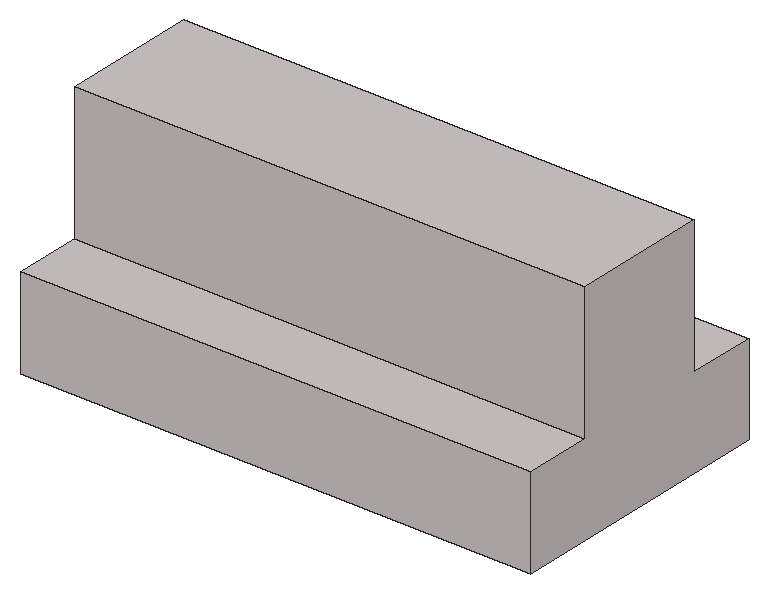
Revit family "M_T invertido pré-moldado", category Quadro estrutural, Revit 2019
Family settings
  Exibir em vistas ocultas = Arestas ocultadas por outros membros
  Arredondamento do comprimento do framing estrutural = 0 mm
  Forma do corte = Não definido
  Material para o comportamento do modelo = Concreto pré-moldado
  Exportar sempre como geometria = Não
  Número OmniClass = 23.25.30.11.14.14
  Título OmniClass = Beams
  ID de item do Seek = Precast-Inverted Tee-0000-CAN-ENU
  Sempre na vertical = Sim
  Corte com vazios quando carregada = Não
  Representação simbólica = Da família
  Compartilhado = Não
  Exibir o pré-corte da família na vista da planta = Sim
Parameters (values of type "600 IT 500")
  Structural Material [instance] = Concreto - Concreto pré-moldado - 35 MPa
  Assento = 150 mm
  Assembly Code = ""
  Length [instance] = 1524 mm
  b = 600 mm
  h = 500 mm
  h1 = 300 mm
Types (4, lengths in mm): name | h | h1
  (no name) | 500 | 300
  600 IT 500 | 500 | 300
  600 IT 700 | 700 | 400
  600 IT 1200 | 1200 | 800
Reference planes
  plane 1 "Centro (Frente/Trás)": y = 0
  plane 2: z = 0
  plane 3 "Centro (Esquerda/Direita)": x = 4.61
  plane 4 "Membro esquerdo": x = -557.39
  plane 5 "Membro direito": x = 566.61
  plane 6: y = 300
  plane 7: y = -300
  plane 8: z = 250
  plane 9 "Inferior": z = -250
  plane 10 "Esquerda": x = -757.39
  plane 11 "Direita": x = 766.61
Forms (mm)
  Sweep 1, solid, material "Concreto - Concreto pré-moldado - 35 MPa" <- "Structural Material"
    path origin (0, 0, 0) x (1, 0, 0) y (0, 1, 0)
      loop
        line (566.61, 0) -> (-557.39, 0)
    profile "M_Tirante invertido-Perfil : M_Tirante invertido-Perfil" origin (4.61, 0, 0) x (0, -1, 0) y (0, 0, 1)
      loop
        line (300, -250) -> (300, -50) -> (150, -50) -> (150, 250) -> (-150, 250) -> (-150, -50) -> (-300, -50) -> (-300, -250) -> (300, -250)
Dimensions and locks
  "b": plane 6 to plane 7
  equal spacing: plane 9 "Inferior", plane 2, plane 8
  equal spacing: plane 6, plane 1 "Centro (Frente/Trás)", plane 7
  "h": plane 9 "Inferior" to plane 8
  "Length": plane 10 "Esquerda" to plane 11 "Direita"
  aligned and locked: Sweep 1 sketch curve to plane 1 "Centro (Frente/Trás)"
  aligned and locked: plane 4 "Membro esquerdo" to Sweep 1 sketch curve
  aligned and locked: plane 5 "Membro direito" to Sweep 1 sketch curve
